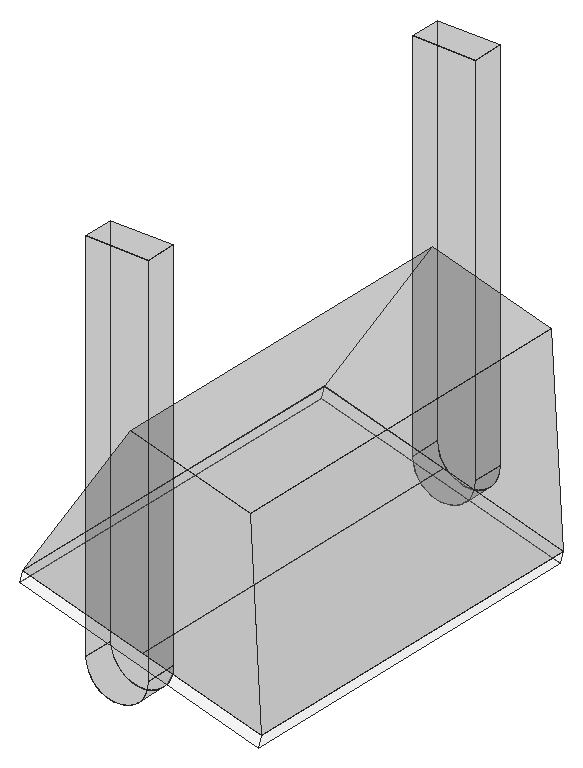
Revit family "M_Luminária embutida - Spot", category Luminárias, Revit 2019
Family settings
  Hospedeiro = Forro
  Cota do conector redondo = Utilizar diâmetro
  Tipo de parte = Normal
  Número OmniClass = 23.80.70.11.14.11
  Título OmniClass = Downlights
  ID de item do Seek = Downlight - Spot-0000-CAN-ENU
  Sempre na vertical = Não
  Corte com vazios quando carregada = Não
  Fonte luminosa = Sim
  Compartilhado = Não
  Ponto de cálculo do ambiente = Não
Parameters (values of type "75 Graus de inclinação - 277V")
  Wattage = 40 W
  built-in parameter 1150110 = 1 (stored number, unit not read)
  built-in parameter 1114217 = 0.88 (stored number, unit not read)
  built-in parameter 1150109 = 1 (stored number, unit not read)
  built-in parameter 1150134 = 8
  built-in parameter 1150113 = 1 (stored number, unit not read)
  Classificação de carga = Iluminação - Unidade de interrupção
  Difusor = Vidro, Branco, Alta Luminosidade
  Ângulo de encaixe = 75.00°
  Arquivo de rede fotométrica = "DS1T5.IES"
  built-in parameter 1150115 = 1 (stored number, unit not read)
  built-in parameter 1150105 = 250.67 (stored number, unit not read)
  built-in parameter 1150137 = 1
  built-in parameter 1150139 = (empty or 0)
  Largura da lâmpada = 100 mm
  built-in parameter 1150112 = 1 (stored number, unit not read)
  built-in parameter 1150114 = 1 (stored number, unit not read)
  built-in parameter 1150132 = (empty or 0)
  built-in parameter 1150102 = (empty or 0)
  built-in parameter 1150138 = (empty or 0)
  built-in parameter 1150107 = 4230 (stored number, unit not read)
  built-in parameter 1150106 = 2.5067 (stored number, unit not read)
  built-in parameter 1150104 = 7.3161 (stored number, unit not read)
  Dimming Lamp Color Temperature Shift = (empty or 0)
  Color Filter = 16777215
  Voltagem = 277 V
  Número de pólos = 1
  built-in parameter 1114218 = 0.88 (stored number, unit not read)
  built-in parameter 1150133 = 10 (stored number, unit not read)
  Código de montagem = "D5020230"
  Altura da lâmpada = 75 mm
  Lamp = ""
  Material do armário de luz = Plástico, Preto Opaco
  Lumens = 3150 lm
  Tilt Angle = -105.00°
  Comentários de voltagem = "40"
  Meia largura da lâmpada = Largura da lâmpada / 2  # 50 mm
  Carga aparente = 40 VA
Types (7, lengths in mm): name | Ângulo de encaixe | Voltagem | Tilt Angle
  (no name) | 75.00° | 277 V | -105.00°
  90 Graus de inclinação - 277V | 90.00° | 277 V | -90.00°
  75 Graus de inclinação - 277V | 75.00° | 277 V | -105.00°
  60 Graus de inclinação - 120V | 60.00° | 120 V | -120.00°
  60 Graus de inclinação - 277V | 60.00° | 277 V | -120.00°
  75 Graus de inclinação - 120V | 75.00° | 120 V | -105.00°
  90 Graus de inclinação - 120V | 90.00° | 120 V | -90.00°
Reference planes
  plane 1 "Eixo de origem da luz": y = 0
  plane 2 "Forro": z = 2438.4
  plane 3 "Eixo de origem da luz": x = 0
  plane 4 "Elevação da origem da luz": z = 2286
Forms (mm)
  Extrusion 1, solid, material "Plástico, Preto Opaco" <- "Material do armário de luz"
    sketch origin (0, 152.4, 0) x (0, 0, -1) y (1, 0, 0)
      loop
        line (-2364.915, -4.723) -> (-2298.941, -48.283) -> (-2286, 0.014) -> (-2273.059, 48.31) -> (-2351.974, 43.573) -> (-2364.915, -4.723)
    from 76.2 to 228.6
  Extrusion 2, solid, material "Plástico, Preto Opaco" <- "Material do armário de luz"
    sketch origin (0, -76.2, 0) x (0, 0, -1) y (1, 0, 0)
      loop
        line (-2438.4, -12.7) -> (-2286, -12.7)
        arc (-2286, -12.7) -> (-2273.3, 0) -> (-2286, 12.7) r 12.7
        line (-2286, 12.7) -> (-2438.4, 12.7) -> (-2438.4, -12.7)
    from 0 to 12.7
  Extrusion 3, solid, material "Plástico, Preto Opaco" <- "Material do armário de luz"
    sketch origin (0, 101.6, 0) x (0, 0, -1) y (1, 0, 0)
      loop
        line (-2438.4, -12.7) -> (-2286, -12.7)
        arc (-2286, -12.7) -> (-2273.3, 0) -> (-2286, 12.7) r 12.7
        line (-2286, 12.7) -> (-2438.4, 12.7) -> (-2438.4, -12.7)
    from 12.7 to 25.4
  Extrusion 4, solid, material "Vidro, Branco, Alta Luminosidade" <- "Difusor"
    sketch origin (0, -76.2, 0) x (0, 0, -1) y (1, 0, 0)
      loop
        line (-2298.944, -48.295) -> (-2294.115, -49.589) -> (-2268.233, 47.003) -> (-2273.062, 48.297) -> (-2298.944, -48.295)
    from -152.4 to 0
Lines and regions (mm)
  model lines
    curve 1: line (-50.786, 76.2, 2438.4) -> (50.814, 76.2, 2438.4)
    curve 2: line (-50.786, -76.2, 2438.4) -> (-50.786, 76.2, 2438.4)
    curve 3: line (50.814, -76.2, 2438.4) -> (-50.786, -76.2, 2438.4)
    curve 4: line (50.814, 76.2, 2438.4) -> (50.814, -76.2, 2438.4)
  symbolic lines
    curve 5: line (-12.7, 88.9, 2438.4) -> (12.7, 88.9, 2438.4)
    curve 6: line (-12.7, 76.2, 2438.4) -> (-12.7, 88.9, 2438.4)
    curve 7: line (12.7, 88.9, 2438.4) -> (12.7, 76.2, 2438.4)
    curve 8: line (-12.7, -76.2, 2438.4) -> (-12.7, -88.9, 2438.4)
    curve 9: line (-12.7, -88.9, 2438.4) -> (12.7, -88.9, 2438.4)
    curve 10: line (12.7, -88.9, 2438.4) -> (12.7, -76.2, 2438.4)
    curve 11: line (-50.786, 0, 2438.4) -> (0.014, 0, 2438.4)
    curve 12: line (-50.786, 25.4, 2438.4) -> (0.014, 25.4, 2438.4)
    curve 13: line (-50.786, 50.8, 2438.4) -> (0.014, 50.8, 2438.4)
    curve 14: line (-50.786, -25.4, 2438.4) -> (0.014, -25.4, 2438.4)
    curve 15: line (-50.786, -50.8, 2438.4) -> (0.014, -50.8, 2438.4)
    curve 16: line (0.014, 76.2, 2438.4) -> (0.014, -76.2, 2438.4)
Text (mm)
  text "0 �ngulo de inclina玢o" at (-1482.244, 236.007, 2133.6), in view "Nível de referência"
  text "180 �ngulo de inclina玢o" at (653.058, 236.007, 2133.6), in view "Nível de referência"
Dimensions and locks
  equal spacing: host sketch curve, plane 3 "Eixo de origem da luz", host sketch curve
  equal spacing: host sketch curve, plane 1 "Eixo de origem da luz", host sketch curve
  host sketch curve to host sketch curve = 3048 mm  (x2)
  "Altura da lâmpada": Extrusion 1 sketch curve to Extrusion 1 sketch curve
  "Meia largura da lâmpada": Extrusion 1 sketch curve to Extrusion 1 sketch curve  (x2)
  "Meia largura da lâmpada": Extrusion 4 sketch curve to plane 4 "Elevação da origem da luz" to Extrusion 4 sketch curve
  locked: Extrusion 4 sketch curve to Extrusion 1 at 5
  "Ângulo de encaixe": angle plane 3 "Eixo de origem da luz" to Extrusion 1 sketch curve
  angle Extrusion 1 sketch curve to Extrusion 1 sketch curve = 71.5651°  (x2)
  angle Extrusion 1 sketch curve to Extrusion 1 sketch curve = 108.435°  (x2)
  "Ângulo de encaixe": angle imposter light to Extrusion 4 sketch curve
  locked: Extrusion 1 to Extrusion 4 sketch curve (angle 90.00°)
  locked: Extrusion 4 sketch curve to Extrusion 4 sketch curve (angle 90.00°)
  aligned and locked: plane 3 "Eixo de origem da luz" to imposter light
  aligned and locked: plane 1 "Eixo de origem da luz" to imposter light
  aligned and locked: plane 4 "Elevação da origem da luz" to imposter light
  aligned and locked: Extrusion 4 sketch curve to Extrusion 1
  aligned and locked: Extrusion 1 to Extrusion 4
  aligned and locked: Extrusion 4 to Extrusion 1
Automatic sketch dimensions
  Extrusion 2 sketch curve to plane 2 "Forro" = 0 mm
  Extrusion 2 sketch curve to plane 4 "Elevação da origem da luz" = 0 mm
  Extrusion 2 sketch curve to plane 3 "Eixo de origem da luz" = 0 mm
  Extrusion 2 sketch curve to plane 3 "Eixo de origem da luz" = 12.7 mm
  Extrusion 1 sketch curve to plane 4 "Elevação da origem da luz" = 0 mm
  plane 3 "Eixo de origem da luz" to Extrusion 1 sketch curve = 0.014 mm
  curve 11 to plane 1 "Eixo de origem da luz" = 0 mm
  plane 3 "Eixo de origem da luz" to curve 11 = 0.014 mm
  curve 8 to plane 3 "Eixo de origem da luz" = 12.7 mm
  curve 5 to plane 3 "Eixo de origem da luz" = 12.7 mm
  curve 11 to plane 3 "Eixo de origem da luz" = 50.786 mm
  plane 3 "Eixo de origem da luz" to curve 7 = 12.7 mm
  plane 3 "Eixo de origem da luz" to curve 10 = 12.7 mm
  curve 10 to curve 3 = 38.114 mm
  plane 1 "Eixo de origem da luz" to curve 14 = 25.4 mm
  curve 15 to curve 14 = 25.4 mm
  curve 4 to curve 15 = 25.4 mm
  curve 8 to curve 8 = 12.7 mm
  curve 12 to plane 1 "Eixo de origem da luz" = 25.4 mm
  curve 12 to curve 13 = 25.4 mm
  curve 13 to curve 4 = 25.4 mm
  curve 7 to curve 5 = 12.7 mm
Connectors
  electrical at (19.425, 0, 2358.444), driven by "Carga aparente", driven by "Voltagem", driven by "Número de pólos", driven by "Classificação de carga"
    settings: on Extrusion 1, index 1, voltage 277 V, apparent load 0 VA, apparent load phase1 40 VA, apparent load phase2 0 VA, apparent load phase3 0 VA, power factor 0.95, load classification "Iluminação - Unidade de interrupção", number of poles 1, system type 31, power factor state 1, is connector primary yes, connector utility no, sub classification motor no, connector description ""
